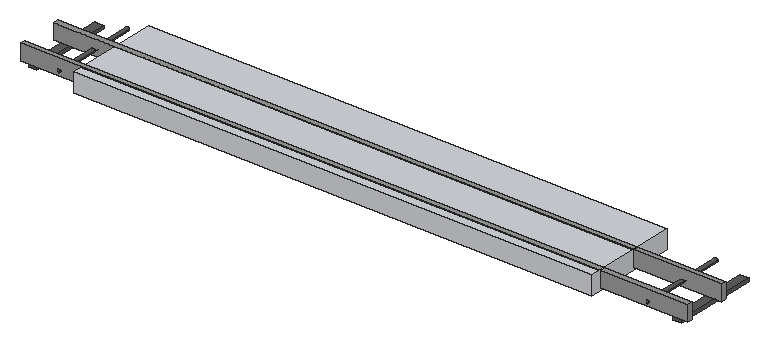
Revit family "1213-2, Veneer", category Generic Models, host Face, Revit 2020
Family settings
  Host = Face
  Can host rebar = No
  Round Connector Dimension = Use Diameter
  Part Type = Normal
  Cut with Voids When Loaded = No
  Shared = No
  Room Calculation Point = No
Parameters
  min_value [instance] = 1' - 11 1/4"  # constant formula
  max_value [instance] = 9' - 11 1/4"  # constant formula
  actual_value [instance] = if(NET LENGTH < min_value, min_value, if(NET LENGTH > max_value, max_value, NET LENGTH))  # 7' - 11 1/4"
  NET LENGTH [instance] = 7' - 11 1/4"
  IMPORTANT NOTE!!!                                                                             *Backer & dowel layout is for visualization purposes only, final layout to be determined by 9Wood. [instance] = ""
  Default Elevation = 4' - 0"
  DOWEL RADIUS [instance] = 0' - 0 1/4"  # constant formula
  BACKING M MATERIAL [instance] = BLACK-BACKERS
  .. MEMBER WIDTH [instance] = 0' - 0 3/4"  # constant formula
  .. MEMBER MATERIAL [instance] = Veneer Cherry
  .. MEMBER DEPTH [instance] = 0' - 2 1/4"  # constant formula
  .. MEMBER COUNT [instance] = 2  # constant formula
Reference planes (in)
  plane 1 "Center (Front/Back)": y = 0
  plane 2: z = 2.726
  plane 3 "Center (Left/Right)": x = 0
Forms (in)
  Extrusion 1, solid
    sketch origin (15, -0.86619, -0.99308) x (0, 1, 0) y (-1, 0, 0)
      loop
        line (3.42869, -23.66817) -> (3.42869, 50.25) -> (-10, 50.25) -> (-10, -23.66817) -> (3.42869, -23.66817)
    from 3.71908 to 1.00111
Dimensions and locks (in)
  aligned and locked: plane 2 to Extrusion 1
Nested families (in)
  nested 1: "1200 Series" at (-44, -2, 1.87867), NET LENGTH <- "actual_value", DOWEL RADII <- "DOWEL RADIUS", .. MEMBER WIDTH <- ".. MEMBER WIDTH", .. MEMBER DEPTH <- ".. MEMBER DEPTH", .. MEMBER MATERIAL <- ".. MEMBER MATERIAL", BACKING M MATERIAL <- "BACKING M MATERIAL", .. MEMBER COUNT <- ".. MEMBER COUNT", type "1200 Series"
    with X 7' - 4", WIDTH 1' - 0 1/16", Space 0' - 0 11/16", START 0' - 0 3/8", SCRIM MATERIAL SCRIM, SCRIM 3 8' - 1", SCRIM 2 0' - 0 7/8", SCRIM 1 0' - 0 3/32", SCRIM yes, NET LENGTH 7' - 11 1/4", N 8, INSET 3 0' - 0 3/16", INSET 0' - 1", INDEX 0' - 5 5/8", END BACKER yes, DOWEL RADII 0' - 0 1/4", DOWEL COUNT 8, BACKING M WIDTH 0' - 1 1/4", BACKING M MATERIAL BLACK-BACKERS, BACKING M LENGTH 0' - 11 7/8", BACKING M DEPTH 0' - 0 1/2", .. MEMBER WIDTH 0' - 0 3/4", .. MEMBER OC TYP 0' - 6", .. MEMBER MATERIAL Veneer Cherry, .. MEMBER DEPTH 0' - 2 1/4", .. MEMBER COUNT 2
Definition of nested family "1200 Series"
  Parameters (values of type "1200 Series")
    X [instance] = NET LENGTH - (0' 3 5/8" * 2)  # 6' - 2"
    WIDTH [instance] = 1' - 0 1/16"
    Space [instance] = 0' - 0 11/16"  # constant formula
    START [instance] = .. MEMBER WIDTH / 2  # 0' - 0 3/8"
    SCRIM MATERIAL [instance] = none
    SCRIM 3 [instance] = NET LENGTH + (SCRIM 2 * 2)  # 6' - 11"
    SCRIM 2 [instance] = 0' - 0 7/8"
    SCRIM 1 [instance] = 0' - 0 3/32"
    SCRIM [instance] = yes
    NET LENGTH [instance] = 6' - 9 1/4"
    N [instance] = if((X - (rounddown(X / 1' 0") * 1' 0")) > 1' 0", rounddown(X / 1' 0") + 2, rounddown(X / 1' 0") + 1)  # 7
    INSET 3 [instance] = 0' - 0 3/16"
    INSET [instance] = 0' - 1"
    INDEX [instance] = (NET LENGTH - ((N - 1) * 1' 0")) / 2  # 0' - 4 5/8"
    END BACKER [instance] = yes
    Default Elevation = 0' - 0"
    DOWEL RADII [instance] = 0' - 0 1/4"
    DOWEL COUNT [instance] = N  # 7
    BACKING M WIDTH [instance] = 0' - 1 1/4"
    BACKING M MATERIAL [instance] = none
    BACKING M LENGTH [instance] = 0' - 11 7/8"
    BACKING M DEPTH [instance] = 0' - 0 1/2"
    .. MEMBER WIDTH [instance] = 0' - 0 3/4"
    .. MEMBER OC TYP [instance] = 1' 0" / .. MEMBER COUNT  # 0' - 3"
    .. MEMBER MATERIAL [instance] = none
    .. MEMBER DEPTH [instance] = 0' - 1 3/8"
    .. MEMBER COUNT [instance] = 4
  Reference planes (in)
    plane 1 "Center (Front/Back)": y = -7.5
    plane 2: z = 0
    plane 3 "Center (Left/Right)": x = 0
    plane 4: x = 1
    plane 5: x = 4.625
    plane 6: x = 81.25
    plane 7: x = 80.25
    plane 8: x = 16.625
    plane 9: y = -7.3125
    plane 10: y = -4.125
    plane 11: y = -7.125
    plane 12: y = 4.5625
    plane 13: y = -4.5
    plane 14: y = -7.59375
    plane 15: x = 82.125
    plane 16: y = 4.65625
    plane 17: x = -0.875
    plane 18: z = -1.375
    plane 19: z = -0.6875
  Lines and regions (in)
    model lines
      curve 1: line (4.375, -7.5, -0.6875) -> (4.875, -7.5, -0.6875)
    model lines, not visible
      curve 2: line (4.625, -7.5, -0.9375) -> (4.625, -7.5, -0.4375)
      curve 3: line (4.375, -7.5, -0.6875) -> (4.875, -7.5, -0.6875)
      curve 4: line (16.625, -7.5, -0.9375) -> (16.625, -7.5, -0.4375)
      curve 5: line (16.375, -7.5, -0.6875) -> (16.875, -7.5, -0.6875)
      curve 6: line (28.625, -7.5, -0.9375) -> (28.625, -7.5, -0.4375)
      curve 7: line (28.375, -7.5, -0.6875) -> (28.875, -7.5, -0.6875)
      curve 8: line (40.625, -7.5, -0.9375) -> (40.625, -7.5, -0.4375)
      curve 9: line (40.375, -7.5, -0.6875) -> (40.875, -7.5, -0.6875)
      curve 10: line (52.625, -7.5, -0.9375) -> (52.625, -7.5, -0.4375)
      curve 11: line (52.375, -7.5, -0.6875) -> (52.875, -7.5, -0.6875)
      curve 12: line (64.625, -7.5, -0.9375) -> (64.625, -7.5, -0.4375)
      curve 13: line (64.375, -7.5, -0.6875) -> (64.875, -7.5, -0.6875)
      curve 14: line (76.625, -7.5, -0.9375) -> (76.625, -7.5, -0.4375)
      curve 15: line (76.375, -7.5, -0.6875) -> (76.875, -7.5, -0.6875)
  Dimensions and locks (in)
    "NET LENGTH": plane 3 "Center (Left/Right)" to plane 6
    "INSET": plane 7 to plane 6
    "INDEX": plane 3 "Center (Left/Right)" to plane 5
    plane 5 to plane 8 = 1' - 0"
    "INSET 3": plane 1 "Center (Front/Back)" to plane 9
    equal spacing: group 1, group 2, group 3, group 4  (x3)
    "START": plane 11 to plane 1 "Center (Front/Back)"
    ".. MEMBER OC TYP": plane 10 to plane 11
    "WIDTH": plane 12 to plane 1 "Center (Front/Back)"
    "START": plane 10 to plane 13
    "SCRIM 1": plane 14 to plane 1 "Center (Front/Back)"
    "SCRIM 2": plane 6 to plane 15
    "SCRIM 1": plane 12 to plane 16
    "SCRIM 2": plane 17 to plane 3 "Center (Left/Right)"
    "INSET": plane 3 "Center (Left/Right)" to plane 4
    equal spacing: group 5, group 6, group 7, group 8, group 9, group 10, group 11  (x3)
    "Space": plane 19 to plane 18
    aligned and locked: level to plane 2
    aligned and locked: nested 1 to plane 4  (x2)
    aligned and locked: plane 7 to nested 2
    aligned and locked: plane 5 to nested 3
    aligned and locked: nested 1 to plane 9
    aligned and locked: plane 1 "Center (Front/Back)" to nested 4
    aligned and locked: plane 9 to nested 2
    aligned and locked: plane 13 to nested 5
    aligned and locked: nested 3 to plane 9
    aligned and locked: plane 18 to nested 1
    aligned and locked: plane 19 to nested 3
    aligned and locked: curve 1 to plane 19
    aligned and locked: plane 8 to curve 4
    aligned and locked: curve 5 to plane 19
    aligned and locked: nested 4 to plane 18
  Automatic sketch dimensions
    curve 1 to curve 1 = 0' - 0 1/2"
    curve 1 to plane 5 = 0' - 0 1/4"
    plane 5 to curve 1 = 0' - 0 1/4"
    curve 3 to curve 2 = 0' - 0 1/4"  (x2)
    curve 2 to curve 3 = 0' - 0 1/4"  (x2)
    curve 5 to curve 4 = 0' - 0 1/4"  (x2)
    curve 4 to curve 5 = 0' - 0 1/4"  (x2)
    curve 7 to curve 6 = 0' - 0 1/4"  (x2)
    curve 6 to curve 7 = 0' - 0 1/4"  (x2)
    curve 9 to curve 8 = 0' - 0 1/4"  (x2)
    curve 8 to curve 9 = 0' - 0 1/4"  (x2)
    curve 11 to curve 10 = 0' - 0 1/4"  (x2)
    curve 10 to curve 11 = 0' - 0 1/4"  (x2)
    curve 13 to curve 12 = 0' - 0 1/4"  (x2)
    curve 12 to curve 13 = 0' - 0 1/4"  (x2)
    curve 15 to curve 14 = 0' - 0 1/4"  (x2)
    curve 14 to curve 15 = 0' - 0 1/4"  (x2)
  Nested families (in)
    nested 1: "INSTANCE - 2ND -  EXTEND SIDE H CENTER W - Parametric Cube" at (1, -1.375, -1.375) x (0, -1, 0) z (0, 0, 1), Width <- "BACKING M LENGTH", Length <- "BACKING M WIDTH", Material <- "BACKING M MATERIAL", Height <- "BACKING M DEPTH", visible <- "END BACKER", type "INSTANCE - 2ND -  EXTEND SIDE H CENTER W - Parametric Cube"
      with Width 0' - 11 7/8", Material none, Length 0' - 1 1/4", Height 0' - 0 1/2"
    nested 2: "INSTANCE - 2ND -  EXTEND SIDE H CENTER W - Parametric Cube" at (80.25, -1.375, -1.375) x (0, -1, 0) z (0, 0, 1), Width <- "BACKING M LENGTH", Length <- "BACKING M WIDTH", Material <- "BACKING M MATERIAL", Height <- "BACKING M DEPTH", visible <- "END BACKER", type "INSTANCE - 2ND -  EXTEND SIDE H CENTER W - Parametric Cube"
      with Width 0' - 11 7/8", Material none, Length 0' - 1 1/4", Height 0' - 0 1/2"
    nested 3: "Family3" at (-5.375, -7.3125, -0.6875), DOWEL RADII <- "DOWEL RADII", BACKING MEM MATERIAL <- "BACKING M MATERIAL", type "Family3"
      with DOWEL RADII 0' - 0 1/4", DOWEL LENGTH 0' - 11 7/8", BACKING MEM MATERIAL none
    nested 4: "HOLED MEMBER" at (0, -18.75, 6.19404), DOWEL RADII <- "DOWEL RADII", .. MEMBER LENGTH <- "NET LENGTH", DOWEL COUNT <- "DOWEL COUNT", DEPTH <- ".. MEMBER DEPTH", .. MEMBER WIDTH <- ".. MEMBER WIDTH", Material <- ".. MEMBER MATERIAL", DOWEL INDEX <- "INDEX", Space 2 <- "Space", type "HOLED MEMBER"
      with Width 0' - 6", Space 2 0' - 0 11/16", Material none, Length 1' - 0", Height 0' - 10.43096", DOWEL RADII 0' - 0 1/4", DOWEL OC DIST 1' - 0", DOWEL INDEX 0' - 4 5/8", DOWEL COUNT 7, DEPTH 0' - 1 3/8", .. MEMBER WIDTH 0' - 0 3/4", .. MEMBER LENGTH 6' - 9 1/4"
    nested 5: "HOLED MEMBER" at (0, -15.75, 6.19404), DOWEL RADII <- "DOWEL RADII", .. MEMBER LENGTH <- "NET LENGTH", DOWEL COUNT <- "DOWEL COUNT", DEPTH <- ".. MEMBER DEPTH", .. MEMBER WIDTH <- ".. MEMBER WIDTH", Material <- ".. MEMBER MATERIAL", DOWEL INDEX <- "INDEX", Space 2 <- "Space", type "HOLED MEMBER"
      with Width 0' - 6", Space 2 0' - 0 11/16", Material none, Length 1' - 0", Height 0' - 10.43096", DOWEL RADII 0' - 0 1/4", DOWEL OC DIST 1' - 0", DOWEL INDEX 0' - 4 5/8", DOWEL COUNT 7, DEPTH 0' - 1 3/8", .. MEMBER WIDTH 0' - 0 3/4", .. MEMBER LENGTH 6' - 9 1/4"
    nested 6: "HOLED MEMBER" at (0, -12.75, 6.19404), DOWEL RADII <- "DOWEL RADII", .. MEMBER LENGTH <- "NET LENGTH", DOWEL COUNT <- "DOWEL COUNT", DEPTH <- ".. MEMBER DEPTH", .. MEMBER WIDTH <- ".. MEMBER WIDTH", Material <- ".. MEMBER MATERIAL", DOWEL INDEX <- "INDEX", Space 2 <- "Space", type "HOLED MEMBER"
      with Width 0' - 6", Space 2 0' - 0 11/16", Material none, Length 1' - 0", Height 0' - 10.43096", DOWEL RADII 0' - 0 1/4", DOWEL OC DIST 1' - 0", DOWEL INDEX 0' - 4 5/8", DOWEL COUNT 7, DEPTH 0' - 1 3/8", .. MEMBER WIDTH 0' - 0 3/4", .. MEMBER LENGTH 6' - 9 1/4"
    nested 7: "HOLED MEMBER" at (0, -9.75, 6.19404), DOWEL RADII <- "DOWEL RADII", .. MEMBER LENGTH <- "NET LENGTH", DOWEL COUNT <- "DOWEL COUNT", DEPTH <- ".. MEMBER DEPTH", .. MEMBER WIDTH <- ".. MEMBER WIDTH", Material <- ".. MEMBER MATERIAL", DOWEL INDEX <- "INDEX", Space 2 <- "Space", type "HOLED MEMBER"
      with Width 0' - 6", Space 2 0' - 0 11/16", Material none, Length 1' - 0", Height 0' - 10.43096", DOWEL RADII 0' - 0 1/4", DOWEL OC DIST 1' - 0", DOWEL INDEX 0' - 4 5/8", DOWEL COUNT 7, DEPTH 0' - 1 3/8", .. MEMBER WIDTH 0' - 0 3/4", .. MEMBER LENGTH 6' - 9 1/4"
    nested 8: "Family3" at (6.625, -7.3125, -0.6875), DOWEL RADII <- "DOWEL RADII", BACKING MEM MATERIAL <- "BACKING M MATERIAL", type "Family3"
      with DOWEL RADII 0' - 0 1/4", DOWEL LENGTH 0' - 11 7/8", BACKING MEM MATERIAL none
    nested 9: "Family3" at (18.625, -7.3125, -0.6875), DOWEL RADII <- "DOWEL RADII", BACKING MEM MATERIAL <- "BACKING M MATERIAL", type "Family3"
      with DOWEL RADII 0' - 0 1/4", DOWEL LENGTH 0' - 11 7/8", BACKING MEM MATERIAL none
    nested 10: "Family3" at (30.625, -7.3125, -0.6875), DOWEL RADII <- "DOWEL RADII", BACKING MEM MATERIAL <- "BACKING M MATERIAL", type "Family3"
      with DOWEL RADII 0' - 0 1/4", DOWEL LENGTH 0' - 11 7/8", BACKING MEM MATERIAL none
    nested 11: "Family3" at (42.625, -7.3125, -0.6875), DOWEL RADII <- "DOWEL RADII", BACKING MEM MATERIAL <- "BACKING M MATERIAL", type "Family3"
      with DOWEL RADII 0' - 0 1/4", DOWEL LENGTH 0' - 11 7/8", BACKING MEM MATERIAL none
    nested 12: "Family3" at (54.625, -7.3125, -0.6875), DOWEL RADII <- "DOWEL RADII", BACKING MEM MATERIAL <- "BACKING M MATERIAL", type "Family3"
      with DOWEL RADII 0' - 0 1/4", DOWEL LENGTH 0' - 11 7/8", BACKING MEM MATERIAL none
    nested 13: "Family3" at (66.625, -7.3125, -0.6875), DOWEL RADII <- "DOWEL RADII", BACKING MEM MATERIAL <- "BACKING M MATERIAL", type "Family3"
      with DOWEL RADII 0' - 0 1/4", DOWEL LENGTH 0' - 11 7/8", BACKING MEM MATERIAL none
  Definition of nested family "INSTANCE - 2ND -  EXTEND SIDE H CENTER W - Parametric Cube"
    Parameters (values of type "INSTANCE - 2ND -  EXTEND SIDE H CENTER W - Parametric Cube")
      Width [instance] = 0' - 6"
      Material [instance] = none
      Length [instance] = 1' - 0"
      Height [instance] = 1' - 6"
      Default Elevation = 0' - 0"
    Reference planes (in)
      plane 1 "Center (Front/Back)": y = 0
      plane 2: z = 0
      plane 3 "Center (Left/Right)": x = 0
      plane 4: x = -3
      plane 5: x = 3
      plane 6: y = 12
      plane 7: z = -18
    Forms (in)
      Extrusion 1, solid, material <- "Material"
        sketch origin (0, 6, 0) x (1, 0, 0) y (0, 1, 0)
          loop
            line (-3, 6) -> (-3, -6) -> (3, -6) -> (3, 6) -> (-3, 6)
        from -18 to 0
    Dimensions and locks (in)
      equal spacing: plane 4, plane 3 "Center (Left/Right)", plane 5
      "Width": plane 4 to plane 5
      "Height": plane 7 to level
      "Length": plane 1 "Center (Front/Back)" to plane 6
      aligned and locked: plane 2 to level
      aligned and locked: plane 4 to Extrusion 1 sketch curve
      aligned and locked: Extrusion 1 sketch curve to plane 5
      aligned and locked: Extrusion 1 to plane 7
      aligned and locked: plane 6 to Extrusion 1
    Automatic sketch dimensions
      plane 1 "Center (Front/Back)" to Extrusion 1 sketch curve = 0' - 0"
      plane 6 to Extrusion 1 sketch curve = 0' - 0"
  Definition of nested family "Family3"
    Parameters (values of type "Family3")
      Default Elevation = 0' - 0"
      DOWEL RADII [instance] = 0' - 0 5/8"
      DOWEL LENGTH [instance] = 0' - 5"
      BACKING MEM MATERIAL [instance] = none
    Reference planes (in)
      plane 1 "Center (Front/Back)": y = 0
      plane 2: z = 0
      plane 3 "Center (Left/Right)": x = 0
      plane 4: y = 5
    Forms (in)
      Extrusion 1, solid, material <- "BACKING MEM MATERIAL"
        sketch origin (10, 0, 0) x (1, 0, 0) y (0, 0, 1)
          loop
            circle (0, 0) r 0.625
        from 0 to -5
      Extrusion 2, solid, not visible
        sketch origin (0, 0, 0) x (1, 0, 0) y (0, 0, 1)
          loop
            circle (0, 0) r 0.625
        from 0 to 12
      Extrusion 3, solid, not visible
        sketch origin (10, 0, 0) x (1, 0, 0) y (0, 0, 1)
          loop
            circle (0, 0) r 0.625
        from 0 to 2.5
      Extrusion 4, solid, not visible
        sketch origin (10, 0, 0) x (1, 0, 0) y (0, 0, 1)
          loop
            circle (0, 0) r 0.625
        from 0 to -12
    Lines and regions (in)
      model lines, not visible
        curve 1: line (-13, 0, 0) -> (-13, -12, 0)
        curve 2: line (13, 0, 0) -> (13, -12, 0)
        curve 3: line (9.89453, 0, 0) -> (10.08794, 0, 0)
        curve 4: line (9.89453, -2.5, 0) -> (10.08794, -2.5, 0)
        curve 6: line (10, 0, 0) -> (10, 2, 0)
      model lines
        curve 5: line (10, 0, 0) -> (10, 2, 0)
    Dimensions and locks (in)
      "DOWEL LENGTH": plane 1 "Center (Front/Back)" to plane 4
      "DOWEL RADII": radius of Extrusion 1 sketch curve
      "DOWEL RADII": radius of Extrusion 2 sketch curve
      "DOWEL RADII": radius of Extrusion 3 sketch curve
      "DOWEL RADII": radius of Extrusion 4 sketch curve
      "DOWEL RADII": radius of Extrusion 1
      aligned and locked: plane 2 to level
      aligned and locked: Extrusion 1 to plane 1 "Center (Front/Back)"  (x3)
      aligned and locked: plane 1 "Center (Front/Back)" to Extrusion 1
      aligned and locked: plane 4 to Extrusion 1
    Automatic sketch dimensions
      plane 1 "Center (Front/Back)" to curve 5 = 0' - 0"
      curve 5 to plane 1 "Center (Front/Back)" = 0' - 2"
      plane 3 "Center (Left/Right)" to curve 5 = 0' - 10"
      Extrusion 1 sketch curve to level = 0' - 0"
      plane 3 "Center (Left/Right)" to Extrusion 1 sketch curve = 0' - 10"
  Definition of nested family "HOLED MEMBER"
    Parameters (values of type "HOLED MEMBER")
      Width [instance] = 0' - 6"
      Space 2 [instance] = 0' - 0 5/8"
      Space = 0' - 0 5/8"
      Material [instance] = none
      Length [instance] = 1' - 0"
      Height [instance] = 0' - 10.43096"
      Default Elevation = 0' - 0"
      DOWEL RADII [instance] = 0' - 0.34537"
      DOWEL OC DIST [instance] = 1' - 0"
      DOWEL INSET = 0' - 0 5/8"
      DOWEL INDEX [instance] = 0' - 5 5/8"
      DOWEL COUNT [instance] = 6
      DEPTH [instance] = 0' - 2"
      .. MEMBER WIDTH [instance] = 0' - 0 5/8"
      .. MEMBER LENGTH [instance] = 5' - 11 3/4"
    Reference planes (in)
      plane 1 "Center (Front/Back)": y = 12
      plane 2: z = -7.56904
      plane 3 "Center (Left/Right)": x = 0
      plane 4: x = 5.625
      plane 5: x = 17.625
      plane 6: y = 11.375
      plane 7: x = 71.75
      plane 8: z = -6.94404
      plane 9: z = -5.56904
    Forms (in)
      Extrusion 1, solid, material <- "Material"
        sketch origin (0, 12, -13.56904) x (1, 0, 0) y (0, 0, 1)
          loop
            line (0, 6) -> (71.75, 6) -> (71.75, 8) -> (0, 8) -> (0, 6)
        from 0.625 to 0
      Extrusion 2, void
        sketch origin (0, 12, -18.31904) x (1, 0, 0) y (0, 0, 1)
          loop
            circle (5.625, 11.375) r 0.34537
        from 0 to 12
      Extrusion 3, void, not visible
        sketch origin (0, 1.25, 0) x (1, 0, 0) y (0, 1, 0)
          loop
            circle (5.625, 11.375) r 0.34537
        from 0 to 12
      Extrusion 4, void, not visible
        sketch origin (0, 1.25, 0) x (1, 0, 0) y (0, 1, 0)
          loop
            circle (5.625, 11.375) r 0.34537
        from 0 to 12
      Extrusion 5, void, not visible
        sketch origin (12, 1.25, 0) x (1, 0, 0) y (0, 1, 0)
          loop
            circle (5.625, 11.375) r 0.34537
        from 0 to 12
      Extrusion 6, void, not visible
        sketch origin (0, 12, -16.31904) x (1, 0, 0) y (0, 0, 1)
          loop
            circle (5.625, 11.375) r 0.34537
        from 0 to 12
      Extrusion 7, void, not visible
        sketch origin (12, 12, -16.31904) x (1, 0, 0) y (0, 0, 1)
          loop
            circle (5.625, 11.375) r 0.34537
        from 0 to 12
      Extrusion 8, void, not visible
        sketch origin (0, 12, -18.31904) x (1, 0, 0) y (0, 0, 1)
          loop
            circle (5.625, 11.375) r 0.34537
        from 0 to 12
      Extrusion 9, void
        sketch origin (12, 12, -18.31904) x (1, 0, 0) y (0, 0, 1)
          loop
            circle (5.625, 11.375) r 0.34537
        from 0 to 12
      Extrusion 10, void, not visible
        sketch origin (24, 12, -16.31904) x (1, 0, 0) y (0, 0, 1)
          loop
            circle (5.625, 11.375) r 0.34537
        from 0 to 12
      Extrusion 11, void, not visible
        sketch origin (36, 12, -16.31904) x (1, 0, 0) y (0, 0, 1)
          loop
            circle (5.625, 11.375) r 0.34537
        from 0 to 12
      Extrusion 12, void, not visible
        sketch origin (48, 12, -16.31904) x (1, 0, 0) y (0, 0, 1)
          loop
            circle (5.625, 11.375) r 0.34537
        from 0 to 12
      Extrusion 13, void, not visible
        sketch origin (60, 12, -16.31904) x (1, 0, 0) y (0, 0, 1)
          loop
            circle (5.625, 11.375) r 0.34537
        from 0 to 12
      Extrusion 14, void, not visible
        sketch origin (24, 1.25, 0) x (1, 0, 0) y (0, 1, 0)
          loop
            circle (5.625, 11.375) r 0.34537
        from 0 to 12
      Extrusion 15, void, not visible
        sketch origin (36, 1.25, 0) x (1, 0, 0) y (0, 1, 0)
          loop
            circle (5.625, 11.375) r 0.34537
        from 0 to 12
      Extrusion 16, void, not visible
        sketch origin (48, 1.25, 0) x (1, 0, 0) y (0, 1, 0)
          loop
            circle (5.625, 11.375) r 0.34537
        from 0 to 12
      Extrusion 17, void, not visible
        sketch origin (60, 1.25, 0) x (1, 0, 0) y (0, 1, 0)
          loop
            circle (5.625, 11.375) r 0.34537
        from 0 to 12
      Extrusion 18, void
        sketch origin (24, 12, -18.31904) x (1, 0, 0) y (0, 0, 1)
          loop
            circle (5.625, 11.375) r 0.34537
        from 0 to 12
      Extrusion 19, void
        sketch origin (36, 12, -18.31904) x (1, 0, 0) y (0, 0, 1)
          loop
            circle (5.625, 11.375) r 0.34537
        from 0 to 12
      Extrusion 20, void
        sketch origin (48, 12, -18.31904) x (1, 0, 0) y (0, 0, 1)
          loop
            circle (5.625, 11.375) r 0.34537
        from 0 to 12
      Extrusion 21, void
        sketch origin (60, 12, -18.31904) x (1, 0, 0) y (0, 0, 1)
          loop
            circle (5.625, 11.375) r 0.34537
        from 0 to 12
    Cuts and joins
      Extrusion 2, Extrusion 9, Extrusion 18, Extrusion 19, Extrusion 20, Extrusion 21 cuts Extrusion 1
    Lines and regions (in)
      model lines, not visible
        curve 1: line (5.625, 11.72037, 0) -> (5.625, 11.02963, 0)
        curve 2: line (5.625, 11.72037, 0) -> (5.625, 11.02963, 0)
        curve 3: line (17.625, 11.72037, 0) -> (17.625, 11.02963, 0)
        curve 4: line (5.625, 12, -7.56904) -> (5.625, 11.87317, -7.56904)
        curve 5: line (5.625, 11.87317, -7.56904) -> (5.06195, 11.87317, -7.56904)
        curve 6: line (5.06195, 11.87317, -7.56904) -> (5.27963, 11.375, -7.56904)
        curve 7: line (0, 12, -6.19404) -> (0, 11.61951, -6.19404)
        curve 8: line (0, 11.375, -8.19404) -> (0, 11.6747, -8.19404)
        curve 9: line (5.625, 12, -7.56904) -> (5.625, 11.69863, -7.56904)
        curve 11: line (5.625, 12, 0) -> (5.625, 12, 0.30137)
        curve 12: line (5.625, 12, 0) -> (5.625, 12, 0.30137)
        curve 13: line (17.625, 12, 0) -> (17.625, 12, 0.30137)
        curve 14: line (5.625, 12, -5.56904) -> (5.625, 11.69863, -5.56904)
        curve 15: line (17.625, 12, -5.56904) -> (17.625, 11.69863, -5.56904)
        curve 16: line (5.625, 12, -7.56904) -> (5.625, 11.69863, -7.56904)
        curve 18: line (29.625, 12, -5.56904) -> (29.625, 11.69863, -5.56904)
        curve 19: line (41.625, 12, -5.56904) -> (41.625, 11.69863, -5.56904)
        curve 20: line (53.625, 12, -5.56904) -> (53.625, 11.69863, -5.56904)
        curve 21: line (65.625, 12, -5.56904) -> (65.625, 11.69863, -5.56904)
        curve 22: line (29.625, 11.72037, 0) -> (29.625, 11.02963, 0)
        curve 23: line (29.625, 12, 0) -> (29.625, 12, 0.30137)
        curve 24: line (41.625, 11.72037, 0) -> (41.625, 11.02963, 0)
        curve 25: line (41.625, 12, 0) -> (41.625, 12, 0.30137)
        curve 26: line (53.625, 11.72037, 0) -> (53.625, 11.02963, 0)
        curve 27: line (53.625, 12, 0) -> (53.625, 12, 0.30137)
        curve 28: line (65.625, 11.72037, 0) -> (65.625, 11.02963, 0)
        curve 29: line (65.625, 12, 0) -> (65.625, 12, 0.30137)
        curve 35: line (5.27963, 12.625, 0) -> (5.97037, 12.625, 0)
        curve 36: line (5.27963, 12.625, 0) -> (5.97037, 12.625, 0)
        curve 37: line (17.27963, 12.625, 0) -> (17.97037, 12.625, 0)
        curve 38: line (5.27963, 12, -4.94404) -> (5.97037, 12, -4.94404)
        curve 39: line (17.27963, 12, -4.94404) -> (17.97037, 12, -4.94404)
        curve 40: line (5.27963, 12, -6.94404) -> (5.97037, 12, -6.94404)
        curve 42: line (29.27963, 12, -4.94404) -> (29.97037, 12, -4.94404)
        curve 43: line (41.27963, 12, -4.94404) -> (41.97037, 12, -4.94404)
        curve 44: line (53.27963, 12, -4.94404) -> (53.97037, 12, -4.94404)
        curve 45: line (65.27963, 12, -4.94404) -> (65.97037, 12, -4.94404)
        curve 46: line (29.27963, 12.625, 0) -> (29.97037, 12.625, 0)
        curve 47: line (41.27963, 12.625, 0) -> (41.97037, 12.625, 0)
        curve 48: line (53.27963, 12.625, 0) -> (53.97037, 12.625, 0)
        curve 49: line (65.27963, 12.625, 0) -> (65.97037, 12.625, 0)
        curve 54: line (0, 12, -6.94404) -> (0, 4.22059, -6.94404)
        curve 55: line (0, 12.625, 0) -> (0, 12.625, 7.77941)
        curve 56: line (0, 12.625, 0) -> (0, 12.625, 7.77941)
        curve 57: line (12, 12.625, 0) -> (12, 12.625, 7.77941)
        curve 58: line (0, 12, -4.94404) -> (0, 4.22059, -4.94404)
        curve 59: line (12, 12, -4.94404) -> (12, 4.22059, -4.94404)
        curve 60: line (0, 12, -6.94404) -> (0, 4.22059, -6.94404)
        curve 61: line (12, 12, -6.94404) -> (12, 4.22059, -6.94404)
        curve 62: line (24, 12, -4.94404) -> (24, 4.22059, -4.94404)
        curve 63: line (36, 12, -4.94404) -> (36, 4.22059, -4.94404)
        curve 64: line (48, 12, -4.94404) -> (48, 4.22059, -4.94404)
        curve 65: line (60, 12, -4.94404) -> (60, 4.22059, -4.94404)
        curve 66: line (24, 12.625, 0) -> (24, 12.625, 7.77941)
        curve 67: line (36, 12.625, 0) -> (36, 12.625, 7.77941)
        curve 68: line (48, 12.625, 0) -> (48, 12.625, 7.77941)
        curve 69: line (60, 12.625, 0) -> (60, 12.625, 7.77941)
        curve 70: line (24, 12, -6.94404) -> (24, 4.22059, -6.94404)
        curve 71: line (36, 12, -6.94404) -> (36, 4.22059, -6.94404)
        curve 72: line (48, 12, -6.94404) -> (48, 4.22059, -6.94404)
        curve 73: line (60, 12, -6.94404) -> (60, 4.22059, -6.94404)
      model lines
        curve 10: line (5.625, 12, -7.56904) -> (5.625, 11.69863, -7.56904)
        curve 17: line (17.625, 12, -7.56904) -> (17.625, 11.69863, -7.56904)
        curve 30: line (29.625, 12, -7.56904) -> (29.625, 11.69863, -7.56904)
        curve 31: line (41.625, 12, -7.56904) -> (41.625, 11.69863, -7.56904)
        curve 32: line (53.625, 12, -7.56904) -> (53.625, 11.69863, -7.56904)
        curve 33: line (65.625, 12, -7.56904) -> (65.625, 11.69863, -7.56904)
        curve 34: line (5.27963, 12, -6.94404) -> (5.97037, 12, -6.94404)
        curve 41: line (17.27963, 12, -6.94404) -> (17.97037, 12, -6.94404)
        curve 50: line (29.27963, 12, -6.94404) -> (29.97037, 12, -6.94404)
        curve 51: line (41.27963, 12, -6.94404) -> (41.97037, 12, -6.94404)
        curve 52: line (53.27963, 12, -6.94404) -> (53.97037, 12, -6.94404)
        curve 53: line (65.27963, 12, -6.94404) -> (65.97037, 12, -6.94404)
    Dimensions and locks (in)
      "DOWEL INDEX": plane 3 "Center (Left/Right)" to plane 4
      "DOWEL OC DIST": plane 4 to plane 5
      ".. MEMBER LENGTH": plane 3 "Center (Left/Right)" to plane 7
      equal spacing: group 3, group 4, group 17, group 18, group 19, group 20  (x3)
      equal spacing: group 7, group 8, group 13, group 14, group 15, group 16  (x3)
      equal spacing: group 1, group 12, group 21, group 22, group 23, group 24  (x3)
      ".. MEMBER WIDTH": plane 6 to plane 1 "Center (Front/Back)"
      "DEPTH": plane 9 to level
      "Space 2": plane 8 to level
      "DOWEL RADII": radius of Extrusion 2 sketch curve
      "DOWEL RADII": radius of Extrusion 3 sketch curve
      "DOWEL RADII": radius of Extrusion 4 sketch curve
      "DOWEL RADII": radius of Extrusion 5 sketch curve
      "DOWEL RADII": radius of Extrusion 6 sketch curve
      "DOWEL RADII": radius of Extrusion 7 sketch curve
      "DOWEL RADII": radius of Extrusion 8 sketch curve
      "DOWEL RADII": radius of Extrusion 9 sketch curve
      "DOWEL RADII": radius of Extrusion 10 sketch curve
      "DOWEL RADII": radius of Extrusion 11 sketch curve
      "DOWEL RADII": radius of Extrusion 12 sketch curve
      "DOWEL RADII": radius of Extrusion 13 sketch curve
      "DOWEL RADII": radius of Extrusion 14 sketch curve
      "DOWEL RADII": radius of Extrusion 15 sketch curve
      "DOWEL RADII": radius of Extrusion 16 sketch curve
      "DOWEL RADII": radius of Extrusion 17 sketch curve
      "DOWEL RADII": radius of Extrusion 18 sketch curve
      "DOWEL RADII": radius of Extrusion 19 sketch curve
      "DOWEL RADII": radius of Extrusion 20 sketch curve
      "DOWEL RADII": radius of Extrusion 21 sketch curve
      aligned and locked: level to plane 2
      aligned and locked: Extrusion 1 to plane 3 "Center (Left/Right)"  (x2)
      aligned and locked: plane 7 to cut or joined group of Extrusion 1, Extrusion 2, Extrusion 9, Extrusion 18, Extrusion 19, Extrusion 20, Extrusion 21  (x2)
      aligned and locked: cut or joined group of Extrusion 1, Extrusion 2, Extrusion 9, Extrusion 18, Extrusion 19, Extrusion 20, Extrusion 21 to plane 1 "Center (Front/Back)"  (x2)
      aligned and locked: cut or joined group of Extrusion 1, Extrusion 2, Extrusion 9, Extrusion 18, Extrusion 19, Extrusion 20, Extrusion 21 to plane 6  (x2)
      aligned and locked: plane 4 to curve 10
      aligned and locked: plane 5 to curve 17
      aligned and locked: plane 9 to cut or joined group of Extrusion 1, Extrusion 2, Extrusion 9, Extrusion 18, Extrusion 19, Extrusion 20, Extrusion 21  (x2)
      aligned and locked: cut or joined group of Extrusion 1, Extrusion 2, Extrusion 9, Extrusion 18, Extrusion 19, Extrusion 20, Extrusion 21 to level
      aligned and locked: plane 8 to Extrusion 2
      aligned and locked: curve 34 to plane 8
      aligned and locked: curve 41 to plane 8
      aligned and locked: level to curve 10
      aligned and locked: curve 10 to level
      aligned and locked: plane 8 to cut or joined group of Extrusion 1, Extrusion 2, Extrusion 9, Extrusion 18, Extrusion 19, Extrusion 20, Extrusion 21
      aligned and locked: curve 54 to plane 8
    Automatic sketch dimensions
      curve 1 to curve 1 = 0' - 0.69074"
      curve 2 to curve 2 = 0' - 0.69074"
      curve 3 to curve 3 = 0' - 0.69074"
      Extrusion 1 sketch curve to plane 3 "Center (Left/Right)" = 0' - 0"
      Extrusion 1 sketch curve to plane 7 = 0' - 0"
      Extrusion 1 sketch curve to Extrusion 1 sketch curve = 0' - 2"
      level to Extrusion 1 sketch curve = 0' - 0"
      curve 9 to curve 9 = 0' - 0.30137"
      curve 10 to curve 10 = 0' - 0.30137"
      curve 11 to curve 11 = 0' - 0.30137"
      curve 12 to curve 12 = 0' - 0.30137"
      curve 13 to curve 13 = 0' - 0.30137"
      curve 14 to curve 14 = 0' - 0.30137"
      curve 15 to curve 15 = 0' - 0.30137"
      curve 16 to curve 16 = 0' - 0.30137"
      curve 17 to curve 17 = 0' - 0.30137"
      curve 18 to curve 18 = 0' - 0.30137"
      curve 19 to curve 19 = 0' - 0.30137"
      curve 20 to curve 20 = 0' - 0.30137"
      curve 21 to curve 21 = 0' - 0.30137"
      curve 22 to curve 22 = 0' - 0.69074"
      curve 23 to curve 23 = 0' - 0.30137"
      curve 24 to curve 24 = 0' - 0.69074"
      curve 25 to curve 25 = 0' - 0.30137"
      curve 26 to curve 26 = 0' - 0.69074"
      curve 27 to curve 27 = 0' - 0.30137"
      curve 28 to curve 28 = 0' - 0.69074"
      curve 29 to curve 29 = 0' - 0.30137"
      curve 30 to curve 30 = 0' - 0.30137"
      curve 31 to curve 31 = 0' - 0.30137"
      curve 32 to curve 32 = 0' - 0.30137"
      curve 33 to curve 33 = 0' - 0.30137"
      curve 34 to curve 34 = 0' - 0.69074"
      curve 35 to curve 35 = 0' - 0.69074"
      curve 36 to curve 36 = 0' - 0.69074"
      curve 37 to curve 37 = 0' - 0.69074"
      curve 38 to curve 38 = 0' - 0.69074"
      curve 39 to curve 39 = 0' - 0.69074"
      curve 40 to curve 40 = 0' - 0.69074"
      curve 41 to curve 41 = 0' - 0.69074"
      curve 42 to curve 42 = 0' - 0.69074"
      curve 43 to curve 43 = 0' - 0.69074"
      curve 44 to curve 44 = 0' - 0.69074"
      curve 45 to curve 45 = 0' - 0.69074"
      curve 46 to curve 46 = 0' - 0.69074"
      curve 47 to curve 47 = 0' - 0.69074"
      curve 48 to curve 48 = 0' - 0.69074"
      curve 49 to curve 49 = 0' - 0.69074"
      curve 50 to curve 50 = 0' - 0.69074"
      curve 51 to curve 51 = 0' - 0.69074"
      curve 52 to curve 52 = 0' - 0.69074"
      curve 53 to curve 53 = 0' - 0.69074"
      curve 54 to curve 54 = 0' - 7.77941"
      curve 55 to curve 55 = 0' - 7.77941"
      curve 56 to curve 56 = 0' - 7.77941"
      curve 57 to curve 57 = 0' - 7.77941"
      curve 58 to curve 58 = 0' - 7.77941"
      curve 59 to curve 59 = 0' - 7.77941"
      curve 60 to curve 60 = 0' - 7.77941"
      curve 61 to curve 61 = 0' - 7.77941"
      curve 62 to curve 62 = 0' - 7.77941"
      curve 63 to curve 63 = 0' - 7.77941"
      curve 64 to curve 64 = 0' - 7.77941"
      curve 65 to curve 65 = 0' - 7.77941"
      curve 66 to curve 66 = 0' - 7.77941"
      curve 67 to curve 67 = 0' - 7.77941"
      curve 68 to curve 68 = 0' - 7.77941"
      curve 69 to curve 69 = 0' - 7.77941"
      curve 70 to curve 70 = 0' - 7.77941"
      curve 71 to curve 71 = 0' - 7.77941"
      curve 72 to curve 72 = 0' - 7.77941"
      curve 73 to curve 73 = 0' - 7.77941"
